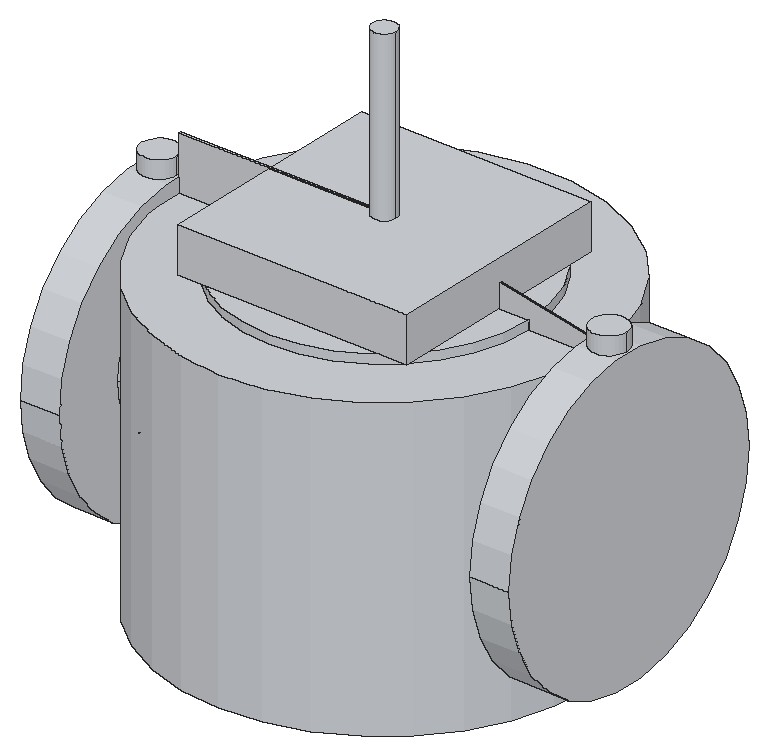
Revit family "OC-FLANGE_HF_DN50-300_PN16_RFA_2018", category Pipe Accessories, Revit 2018
Family settings
  Round Connector Dimension = Use Diameter
  Part Type = Valve - Breaks Into
  Work Plane-Based = No
  Always vertical = Yes
  Cut with Voids When Loaded = No
  Shared = No
Parameters (values of type "Optima Compact Flange PN16 DN300 HF")
  magiProductId = "0fa3775e1d00444fb1aee59b74ee1a"
  magiProductFamilyId = "7f77c72f297a4b4b9e69a2c3ebd769"
  magiPartTypeId = 304
  isMeasuringValve [instance] = no
  ang2D [instance] = 0.00°
  W2D = 50 mm
  VersionID = "2.0/2018.12.13.2/FRESE_OPT_COMP_BIG_Q13_001"
  Use Minimum Symbol Size [instance] = no
  URL = "www.hydronic.cz"
  Type Comments = "Přírubový; PN16; 0~110°C, s měřením"
  R4 = 251.65 mm
  R3 = 135.2 mm
  R1 = 359.5 mm
  QmdConnectorList = "301;D;302;D"
  Productdata [instance] = ""
  Manufacturer = "Hydronic Systems Prague s.r.o."
  MC Use Limits From Balancing Method = no
  MC Throttling Minimum Value = 0
  MC Throttling Maximum Value = 0
  MC Product Code = "53-1218 (DN300 HF; 48mm; pohon min 2500N; Qmin-dpmin 245000l/h-15.0kPa; Qmax-dpmin 600000l/h-70.0kPa; dpmax 800kPa)"
  MC Pressure Drop Minimum Value = 0.0 Pa
  MC Pressure Drop Maximum Value = 0.0 Pa
  MC Piping Given Pressure Drop [instance] = 0.0 Pa
  LF__ve = -LF  # -68 mm
  LF2 = 34 mm
  LF = 68 mm
  L4 = 399.5 mm
  L3 = 714 mm
  L2D_Min = 30.48 mm
  L2D = 230 mm
  L2 = 425 mm
  H6 = 290 mm
  H4 = 78 mm
  H3 = 15 mm
  H2 = 286 mm
  H1 = 520 mm
  H = 1132 mm
  Description = "Tlakově nezávislý 2-cestný regulační vyvažovací ventil (PICV)"
  DF2 = 260 mm
  DD = yes
  D = 300 mm
  CAT0 = yes
  AL2 = 156 mm
  ACT3W = 167 mm
  ACT3L = 92.5 mm
  ACT2L = 230 mm
  ACT2H = 311 mm
  A3WP = 112 mm
Types (2, lengths in mm): name | magiProductId | R4 | R3 | R1 | MC Product Code | LF__ve | LF2 | LF | L4 | L3 | L2 | H6 | H4 | H2 | H1 | H | DF2 | D
  Optima Compact Flange PN16 DN250 HF | "04bfedd5843a4fb2a3a3e76bce0a04" | 192.15 | 115.44 | 274.5 | "53-1217 (DN250 HF; 48mm; pohon min 2500N; Qmin-dpmin 245000l/h-15.0kPa; Qmax-dpmin 600000l/h-70.0kPa; dpmax 800kPa)" | -58.4 | 29.2 | 58.4 | 343.1 | 613.2 | 365 | 339.4 | 66.6 | 244.2 | 444 | 1094 | 222 | 250
  Optima Compact Flange PN16 DN300 HF | "0fa3775e1d00444fb1aee59b74ee1a" | 251.65 | 135.2 | 359.5 | "53-1218 (DN300 HF; 48mm; pohon min 2500N; Qmin-dpmin 245000l/h-15.0kPa; Qmax-dpmin 600000l/h-70.0kPa; dpmax 800kPa)" | -68 | 34 | 68 | 399.5 | 714 | 425 | 290 | 78 | 286 | 520 | 1132 | 260 | 300
Reference planes
  plane 1 "Center (Front/Back)": y = 0
  plane 2 "XYPLANE": z = 0
  plane 3 "Center (Left/Right)": x = 0
  plane 4 "362": y = 45
  plane 5 "361": y = 55
  plane 6 "360": y = -102
  plane 7 "359": y = -112
  plane 8 "358": z = 852
  plane 9 "357": x = -87.5
  plane 10 "356": x = 87.5
  plane 11 "355": x = -92.5
  plane 12 "354": x = 92.5
  plane 13 "353": x = 35
  plane 14 "352": x = -35
  plane 15 "351": z = 627
  plane 16 "350": z = 812
  plane 17 "347": y = -25
  plane 18 "346": y = 25
  plane 19 "342": z = 328
  plane 20 "341": x = 357
  plane 21 "340": x = -357
  plane 22 "335": x = 106
  plane 23 "334": z = 759
  plane 24 "333": z = 684
  plane 25 "332": z = 689
  plane 26 "331": z = 729
  plane 27 "330": z = 561
  plane 28 "329": z = -260
  plane 29 "328": x = -45
  plane 30 "327": x = 45
  plane 31 "326": x = -49
  plane 32 "325": x = 49
  plane 33 "324": y = -20
  plane 34 "323": y = 20
  plane 35 "322": z = 869
  plane 36 "321": z = 872
  plane 37 "320": z = 581
  plane 38 "319": y = -61
  plane 39 "318": y = 73
  plane 40 "317": x = -74
  plane 41 "316": x = 156
  plane 42 "206": x = 391
  plane 43 "205": x = -391
  plane 44 "204": z = 260
  plane 45 "203": z = 327
  plane 46 "202": z = 249
  plane 47 "201": z = 234
  plane 48 "200": x = -357
  plane 49 "199": z = -286
  plane 50 "198": x = 0
  plane 51 "197": y = 0
  plane 52 "196": z = 0
  plane 53 "195": x = -425
  plane 54 "194": x = 425
  plane 55 "193": z = 617
  plane 56 "192": z = 781
Forms (mm)
  Extrusion 1, solid, visible <- "DD"
    sketch origin (750, 0, 0) x (-1, 0, 0) y (0, 0, 1)
      loop
        line (1107, 328) -> (750, 328) -> (393, 260) -> (393, -260) -> (1107, -260) -> (1107, 328)
    from 0 to 3
  Extrusion 2, solid, visible <- "CAT0"
    sketch origin (-750, 0, 260) x (1, 0, 0) y (0, 1, 0)
      loop
        circle (1141, 0) r 30.3
    from 0 to 30
  Extrusion 3, solid, visible <- "CAT0"
    sketch origin (-750, 0, 260) x (1, 0, 0) y (0, 1, 0)
      loop
        circle (359, 0) r 30.3
    from 0 to 30
  Extrusion 4, solid, visible <- "CAT0"
    sketch origin (-750, 0, 327) x (1, 0, 0) y (0, 1, 0)
      loop
        circle (750, 0) r 20
    from 0 to 290 <- "H6"
  Extrusion 5, solid, visible <- "CAT0"
    sketch origin (-750, 0, 249) x (1, 0, 0) y (0, 1, 0)
      loop
        line (949.75, 199.75) -> (550.25, 199.75) -> (550.25, -199.75) -> (949.75, -199.75) -> (949.75, 199.75)
    from 0 to 78 <- "H4"
  Extrusion 6, solid, visible <- "CAT0"
    sketch origin (-750, 0, 234) x (1, 0, 0) y (0, 1, 0)
      loop
        circle (750, 0) r 251.65
    from 0 to 15 <- "H3"
  Extrusion 7, solid, visible <- "CAT0"
    sketch origin (-357, -750, 0) x (0, 1, 0) y (0, 0, 1)
      loop
        circle (750, 0) r 135.2
    from 0 to 714 <- "L3"
  Extrusion 8, solid, visible <- "CAT0"
    sketch origin (-750, 0, -286) x (1, 0, 0) y (0, 1, 0)
      loop
        circle (750, 0) r 359.5
    from 0 to 520 <- "H1"
  Extrusion 9, solid, visible <- "CAT0"
    sketch origin (-425, -750, 0) x (0, 1, 0) y (0, 0, 1)
      loop
        circle (750, 0) r 260
    from 0 to 68 <- "LF"
  Extrusion 10, solid, visible <- "CAT0"
    sketch origin (425, -750, 0) x (0, 1, 0) y (0, 0, 1)
      loop
        circle (750, 0) r 260
    from 0 to -68 <- "LF__ve"
  Extrusion 11, solid, not visible
    sketch origin (-425, -750, 0) x (0, 1, 0) y (0, 0, 1)
      loop
        circle (750, 0) r 10
    from 0 to 10
  Extrusion 12, solid, not visible
    sketch origin (425, -750, 0) x (0, 1, 0) y (0, 0, 1)
      loop
        circle (750, 0) r 10
    from 0 to -10
Lines and regions (mm)
  reference lines, not visible
    curve 1: circle (2, 2, 0) r 1 normal (0, 0, 1)
  reference lines
    curve 2: line (-49, -20, 561) -> (49, -20, 561)
    curve 3: line (49, -20, 561) -> (49, 20, 561)
    curve 4: line (49, 20, 561) -> (-49, 20, 561)
    curve 5: line (-49, 20, 561) -> (-49, -20, 561)
    curve 6: circle (0, 0, 249) r 1 normal (0, 0, 1)
Dimensions and locks
  plane 1 "Center (Front/Back)" to curve 1 = 2 mm
  locked: plane 5 "361" to plane 4 "362" at 10
  "ACT3W": plane 7 "359" to plane 5 "361"
  locked: plane 7 "359" to plane 6 "360" at 10
  "A3WP": plane 51 "197" to plane 7 "359"
  locked: plane 36 "321" to plane 8 "358" at 20
  locked: plane 11 "355" to plane 9 "357" at 5
  locked: plane 12 "354" to plane 10 "356" at 5
  "ACT3L": plane 50 "198" to plane 11 "355"
  "ACT3L": plane 50 "198" to plane 12 "354"
  locked: plane 30 "327" to plane 13 "353" at 10
  locked: plane 29 "328" to plane 14 "352" at 10
  locked: plane 36 "321" to plane 15 "351" at 245
  locked: plane 36 "321" to plane 16 "350" at 60
  locked: plane 51 "197" to plane 17 "347" at 25
  locked: plane 51 "197" to plane 18 "346" at 25
  "LF": plane 44 "204" to plane 19 "342"
  "LF": plane 54 "194" to plane 20 "341"
  "LF": plane 53 "195" to plane 21 "340"
  locked: plane 41 "316" to plane 22 "335" at 50
  locked: plane 26 "331" to plane 23 "334" at 30
  locked: plane 35 "322" to plane 24 "333" at 185
  locked: plane 35 "322" to plane 25 "332" at 180
  locked: plane 35 "322" to plane 26 "331" at 140
  "ACT2H": plane 36 "321" to plane 27 "330"
  "DF2": plane 52 "196" to plane 28 "329"
  locked: plane 30 "327" to plane 29 "328" at 90
  locked: plane 50 "198" to plane 30 "327" at 45
  locked: plane 50 "198" to plane 31 "326" at 49
  locked: plane 50 "198" to plane 32 "325" at 49
  locked: plane 34 "323" to plane 33 "324" at 40
  locked: plane 51 "197" to plane 34 "323" at 20
  locked: plane 36 "321" to plane 35 "322" at 3
  "H": plane 28 "329" to plane 36 "321"
  locked: plane 27 "330" to plane 37 "320" at 20
  locked: plane 51 "197" to plane 38 "319" at 61
  locked: plane 51 "197" to plane 39 "318" at 73
  "ACT2L": plane 41 "316" to plane 40 "317"
  "AL2": plane 50 "198" to plane 41 "316"
  "LF2": plane 54 "194" to plane 42 "206"
  "LF2": plane 53 "195" to plane 43 "205"
  "DF2": plane 2 "XYPLANE" to plane 44 "204"
  "H4": plane 46 "202" to plane 45 "203"
  "H3": plane 47 "201" to plane 46 "202"
  "H1": plane 49 "199" to plane 47 "201"
  "LF": plane 53 "195" to plane 48 "200"
  "H2": plane 2 "XYPLANE" to plane 49 "199"
  locked: plane 3 "Center (Left/Right)" to plane 50 "198"
  locked: plane 1 "Center (Front/Back)" to plane 51 "197"
  locked: plane 2 "XYPLANE" to plane 52 "196"
  "L2": plane 3 "Center (Left/Right)" to plane 53 "195"
  "L2": plane 3 "Center (Left/Right)" to plane 54 "194"
  "H6": plane 45 "203" to plane 55 "193"
  locked: plane 55 "193" to plane 56 "192" at 164
  Extrusion 1 sketch curve to Extrusion 1 sketch curve = 0 mm  (x10)
  equal spacing: Extrusion 5 sketch curve, curve 6, Extrusion 5 sketch curve  (x2)
  "L4": Extrusion 5 sketch curve to Extrusion 5 sketch curve  (x2)
  Extrusion 5 sketch curve to Extrusion 5 sketch curve = 0 mm  (x8)
  "R4": radius of Extrusion 6 sketch curve
  "R3": radius of Extrusion 7 sketch curve
  "R1": radius of Extrusion 8 sketch curve
  "DF2": radius of Extrusion 9 sketch curve
  "DF2": radius of Extrusion 10 sketch curve
  aligned and locked: level to plane 2 "XYPLANE"
  aligned and locked: plane 21 "340" to Extrusion 1 sketch curve  (x2)
  aligned and locked: plane 19 "342" to Extrusion 1 sketch curve
  aligned and locked: plane 28 "329" to Extrusion 1 sketch curve  (x2)
  aligned and locked: plane 20 "341" to Extrusion 1 sketch curve  (x2)
  aligned and locked: plane 44 "204" to Extrusion 1 sketch curve
  aligned and locked: plane 50 "198" to Extrusion 1 sketch curve
  aligned and locked: Extrusion 1 sketch curve to plane 19 "342"
  aligned and locked: curve 2 to plane 33 "324"
  aligned and locked: plane 31 "326" to curve 2
  aligned and locked: plane 32 "325" to curve 2
  aligned and locked: plane 33 "324" to curve 3
  aligned and locked: plane 34 "323" to curve 3
  aligned and locked: plane 32 "325" to curve 4
  aligned and locked: plane 31 "326" to curve 4
  aligned and locked: plane 34 "323" to curve 5
  aligned and locked: plane 42 "206" to Extrusion 2 sketch curve
  aligned and locked: plane 51 "197" to Extrusion 2 sketch curve
  aligned and locked: plane 43 "205" to Extrusion 3 sketch curve
  aligned and locked: plane 51 "197" to Extrusion 3 sketch curve
  aligned and locked: plane 50 "198" to Extrusion 4 sketch curve
  aligned and locked: plane 51 "197" to Extrusion 4 sketch curve
  aligned and locked: plane 50 "198" to curve 6
  aligned and locked: plane 51 "197" to curve 6
  aligned and locked: plane 50 "198" to Extrusion 6 sketch curve
  aligned and locked: plane 51 "197" to Extrusion 6 sketch curve
  aligned and locked: Extrusion 7 sketch curve to plane 51 "197"
  aligned and locked: plane 52 "196" to Extrusion 7 sketch curve
  aligned and locked: plane 50 "198" to Extrusion 8 sketch curve
  aligned and locked: plane 51 "197" to Extrusion 8 sketch curve
  aligned and locked: Extrusion 9 sketch curve to plane 51 "197"
  aligned and locked: plane 52 "196" to Extrusion 9 sketch curve
  aligned and locked: Extrusion 10 sketch curve to plane 51 "197"
  aligned and locked: plane 52 "196" to Extrusion 10 sketch curve
  aligned and locked: Extrusion 11 sketch curve to plane 51 "197"
  aligned and locked: plane 52 "196" to Extrusion 11 sketch curve
  aligned and locked: Extrusion 12 sketch curve to plane 51 "197"
  aligned and locked: plane 52 "196" to Extrusion 12 sketch curve
Automatic sketch dimensions
  plane 20 "341" to Extrusion 2 sketch curve = 3.7 mm
  plane 53 "195" to Extrusion 3 sketch curve = 3.7 mm
  plane 14 "352" to Extrusion 4 sketch curve = 15 mm
  plane 1 "Center (Front/Back)" to Extrusion 11 sketch curve = 10 mm
  plane 1 "Center (Front/Back)" to Extrusion 12 sketch curve = 10 mm
  plane 3 "Center (Left/Right)" to curve 1 = 2 mm
  Extrusion 5 sketch curve to plane 11 "355" = 107.25 mm
  Extrusion 5 sketch curve to plane 7 "359" = 87.75 mm
  radius of curve 6 = 1 mm
  radius of curve 1 = 1 mm
Connectors
  piping at (-425, 0, 0), diameter 300, driven by "D"
    settings: on Extrusion 11, index 1, connector inside diameter 609.6 mm, connector length 0 mm, flow factor 0, pipe flow 0.0 L/s, pressure drop 0.0 Pa, fitting loss kfactor 0, connector angle 0.00°, fixture units 0, engagement length 0 mm, angle of deflection 0.00°, flow configuration 0, flow direction 0, fitting loss method 0, system type 29, joint type 0, gender type 0, connector reference index 2, connector utility 0, adjustable connector no, is connector primary yes, connector description ""
  piping at (425, 0, 0), diameter 300, driven by "D"
    settings: on Extrusion 12, index 2, connector inside diameter 609.6 mm, connector length 0 mm, flow factor 0, pipe flow 0.0 L/s, pressure drop 0.0 Pa, fitting loss kfactor 0, connector angle 0.00°, fixture units 0, engagement length 0 mm, angle of deflection 0.00°, flow configuration 0, flow direction 0, fitting loss method 0, system type 29, joint type 0, gender type 0, connector reference index 1, connector utility 0, adjustable connector no, is connector primary no, connector description ""
